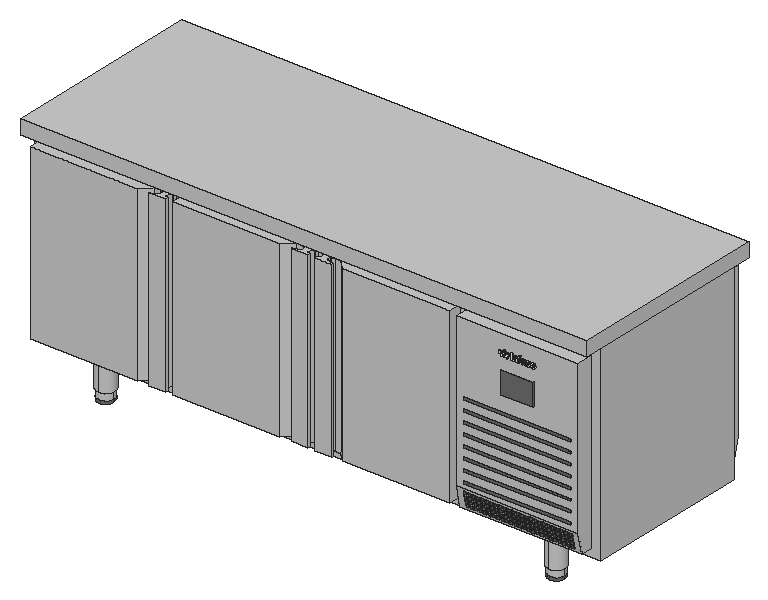
Revit family "QF_INFRICO_BMGN1960PDC_250808024553", category Specialty Equipment, Revit 2021
Family settings
  Round Connector Dimension = Use Diameter
  Part Type = Normal
  OmniClass Number = 23.40.40.14
  OmniClass Title = Food Service Equipment
  Work Plane-Based = No
  Always vertical = Yes
  Cut with Voids When Loaded = No
  Shared = No
  Room Calculation Point = No
Parameters (values of type "BMGN1960PDC-R290")
  Weight [instance] = 183.00 kg
  Waste Water Discharge Temperature [instance] = 0 °C
  Waste Remarks [instance] = ""
  Warranty Start Date [instance] = ""
  Warranty Duration [instance] = ""
  Volts [instance] = 230 V
  Volt Free Conn [instance] = no
  URL Recommended Spares List [instance] = ""
  URL Manufacturer [instance] = ""
  URL Cutsheet [instance] = ""
  URL Critical Spares List [instance] = ""
  URL = "www.infrico.com"
  Technical Documentation [instance] = ""
  Tag Number [instance] = ""
  Status [instance] = ""
  Start Up Current [instance] = 0 A
  Specification by User [instance] = ""
  Specification by Manufacturer [instance] = ""
  Sound Level [instance] = ""
  Show Logo [instance] = yes
  Show Clearances [instance] = yes
  Service Life Duration [instance] = ""
  Serial Number [instance] = ""
  Seismic Rating [instance] = ""
  SMACNA No [instance] = ""
  Revision Code [instance] = ""
  Revision [instance] = ""
  Production Year [instance] = ""
  Potential Equalisation [instance] = no
  Point Load [instance] = 0
  Plumbing Connection Type [instance] = ""
  Phase [instance] = 1
  Other Equipment Approvals [instance] = ""
  Operational Current [instance] = 0 A
  Number of Poles [instance] = 2
  No Load Power Draw [instance] = no
  NAFEM Spec ID Number [instance] = ""
  Model Warning [instance] = ""
  Model = "BMGN1960PDC"
  Min Ckt Ampacity [instance] = 0 A
  Max Overcurrent Protection [instance] = 0 A
  Masterspec [instance] = ""
  Manufacturer = "INFRICO"
  Main switch integrated [instance] = no
  Length Actual [instance] = 1960 mm
  Item Number [instance] = ""
  Installed By [instance] = ""
  Installation Date [instance] = ""
  Indirect Waste Size [instance] = 19.05 mm
  Indirect Waste Remarks [instance] = ""
  Indirect Waste Flow [instance] = 0.0 L/s
  Indirect Waste Connection Type [instance] = ""
  Indirect Waste Connection Height [instance] = 0 mm
  Identify Quantity as Lot [instance] = no
  ID [instance] = ""
  Hygiene Approval [instance] = ""
  Height Actual [instance] = 850 mm
  HP power [instance] = ""
  Furnished By [instance] = ""
  Foodservice Equipment Identifier [instance] = no
  FL Amps [instance] = 0 A
  Electrical Remarks [instance] = ""
  Electric power [instance] = 370 W
  Electric Connection Type [instance] = ""
  Elec Conn RI Height [instance] = 0 mm
  Elec Conn Connection Height [instance] = 0 mm
  ETL Approved [instance] = no
  Direct Waste Water Discharge Temperature [instance] = -273.15 °C
  Direct Waste Size [instance] = 19.05 mm
  Direct Waste RI Height [instance] = 0 mm
  Direct Waste Flow [instance] = 0.0 L/s
  Direct Waste Connection Height [instance] = 0 mm
  Description = "GN1/1 PASS THRU UNDERCOUNTER REFRIGERATOR 700 SERIES - R290 "
  Depth Actual [instance] = 700 mm
  Default Elevation = 0 mm
  Cycle [instance] = 50 Hz
  Cost = 0
  Connection to energy optimisation system [instance] = yes
  Conn Plug [instance] = ""
  Conn Conduit [instance] = no
  Centralized building control system with digital interface [instance] = ""
  CSI MasterFormat [instance] = ""
  CE Approved [instance] = no
  Barcode [instance] = 0
  Author [instance] = ""
  Asset Identifier [instance] = ""
  Apparent Power [instance] = 370 VA
  Accessory [instance] = no
Reference planes
  plane 1 "Center (Front/Back)": y = 0
  plane 2: z = 0
  plane 3 "Center (Left/Right)": x = 0
Forms (mm)
  Extrusion 1, solid, not visible
    sketch origin (602.029, -98.005, 142.007) x (1, 0, 0) y (0, 1, 0)
      loop
        line (-2, 2) -> (-2, -2) -> (2, -2) -> (2, 2) -> (-2, 2)
    from -2 to 2
  Extrusion 2, solid, not visible
    sketch origin (1393.568, -73.004, 142.007) x (1, 0, 0) y (0, 1, 0)
      loop
        line (-2, 2) -> (-2, -2) -> (2, -2) -> (2, 2) -> (-2, 2)
    from -2 to 2
Dimensions and locks
  locked: nested 2 to Extrusion 1 at 2  (x2)
  locked: nested 3 to Extrusion 2 at 2  (x2)
  aligned and locked: level to plane 2
Nested families
  nested 1: "QF_INFRICO_BMGN1960PDC_2920" at (0, 0, 140), type "BMGN1960PDC-R290"
    with Weight 183.00 kg, Warranty Start Date "", Warranty Duration "", URL Cutsheet "", Technical Documentation "", Tag Number "", Status "", Specification by User "", Specification by Manufacturer "", Sound Level "", Solid Fuel Type "", Show Logo yes, Show Clearances yes, Show Clearance yes, Service Life Duration "", Serial Number "", Seismic Rating "", SMACNA No "", Revision Code "", Revision "", Production Year "", Point Load 0, Other Equipment Approvals "", NAFEM Spec ID Number "", Model Warning "", Masterspec "", Length Actual 1960 mm, Item Number "", Installed By "", Installation Date "", Identify Quantity as Lot yes, ID "", Hygiene Approval "", Height Actual 850 mm, Furnished By "", Foodservice Equipment Identifier yes, ETL Approved yes, Depth Actual 700 mm, CSI MasterFormat "", CE Approved no, Barcode "", Author "", Asset Identifier "", Accessory no
  nested 2: "CONN_POINT_DRAIN_2D___Generic_Annotation" at (602.029, -98.005, 140.007), type "CONN_POINT_DRAIN_2D___Generic_Annotation"
    with Onboard connection annotation symbol visibility yes
  nested 3: "CONN_POINT_ELE_2D___Generic_Annotation" at (1393.568, -73.004, 140.007), type "CONN_POINT_ELE_2D___Generic_Annotation"
    with Onboard connection annotation symbol visibility yes
  nested 4: "QF_INFRICO_BMGN_DOOR_SX_5011" at (22, -638, 168), type "BMGN_DOOR_SX"
    with Weight 0.00 kg, Warranty Start Date "", Warranty Duration "", URL Cutsheet "", Technical Documentation "", Tag Number "", Status "", Specification by User "", Specification by Manufacturer "", Sound Level "", Solid Fuel Type "", Show Logo yes, Show Clearances yes, Show Clearance yes, Service Life Duration "", Serial Number "", Seismic Rating "", SMACNA No "", Revision Code "", Revision "", Production Year "", Point Load 0, Other Equipment Approvals "", NAFEM Spec ID Number "", Model Warning "", Masterspec "", Length Actual 467 mm, Item Number "", Installed By "", Installation Date "", Identify Quantity as Lot yes, ID "", Hygiene Approval "", Height Actual 597 mm, Furnished By "", Foodservice Equipment Identifier yes, ETL Approved yes, Depth Actual 54 mm, CSI MasterFormat "", CE Approved no, Barcode "", Author "", Asset Identifier "", Accessory yes
  nested 5: "QF_INFRICO_BMGN_DOOR_SX_5792" at (514, -638, 168), type "BMGN_DOOR_SX"
    with Weight 0.00 kg, Warranty Start Date "", Warranty Duration "", URL Cutsheet "", Technical Documentation "", Tag Number "", Status "", Specification by User "", Specification by Manufacturer "", Sound Level "", Solid Fuel Type "", Show Logo yes, Show Clearances yes, Show Clearance yes, Service Life Duration "", Serial Number "", Seismic Rating "", SMACNA No "", Revision Code "", Revision "", Production Year "", Point Load 0, Other Equipment Approvals "", NAFEM Spec ID Number "", Model Warning "", Masterspec "", Length Actual 467 mm, Item Number "", Installed By "", Installation Date "", Identify Quantity as Lot yes, ID "", Hygiene Approval "", Height Actual 597 mm, Furnished By "", Foodservice Equipment Identifier yes, ETL Approved yes, Depth Actual 54 mm, CSI MasterFormat "", CE Approved no, Barcode "", Author "", Asset Identifier "", Accessory yes
  nested 6: "QF_INFRICO_BMGN_DOOR_DX_6569" at (1006, -638, 168), type "BMGN_DOOR_DX"
    with Weight 0.00 kg, Warranty Start Date "", Warranty Duration "", URL Cutsheet "", Technical Documentation "", Tag Number "", Status "", Specification by User "", Specification by Manufacturer "", Sound Level "", Solid Fuel Type "", Show Logo yes, Show Clearances yes, Show Clearance yes, Service Life Duration "", Serial Number "", Seismic Rating "", SMACNA No "", Revision Code "", Revision "", Production Year "", Point Load 0, Other Equipment Approvals "", NAFEM Spec ID Number "", Model Warning "", Masterspec "", Length Actual 467 mm, Item Number "", Installed By "", Installation Date "", Identify Quantity as Lot yes, ID "", Hygiene Approval "", Height Actual 597 mm, Furnished By "", Foodservice Equipment Identifier yes, ETL Approved yes, Depth Actual 54 mm, CSI MasterFormat "", CE Approved no, Barcode "", Author "", Asset Identifier "", Accessory yes
  nested 7: "QF_INFRICO_BMGNPDC_DOOR_SX_7346" at (22, -18, 168), type "BMGNPDC_DOOR_SX"
    with Weight 0.00 kg, Warranty Start Date "", Warranty Duration "", URL Cutsheet "", Technical Documentation "", Tag Number "", Status "", Specification by User "", Specification by Manufacturer "", Sound Level "", Solid Fuel Type "", Show Logo yes, Show Clearances yes, Show Clearance yes, Service Life Duration "", Serial Number "", Seismic Rating "", SMACNA No "", Revision Code "", Revision "", Production Year "", Point Load 0, Other Equipment Approvals "", NAFEM Spec ID Number "", Model Warning "", Masterspec "", Length Actual 467 mm, Item Number "", Installed By "", Installation Date "", Identify Quantity as Lot yes, ID "", Hygiene Approval "", Height Actual 597 mm, Furnished By "", Foodservice Equipment Identifier yes, ETL Approved yes, Depth Actual 54 mm, CSI MasterFormat "", CE Approved no, Barcode "", Author "", Asset Identifier "", Accessory yes
  nested 8: "QF_INFRICO_BMGNPDC_DOOR_SX_8123" at (514, -18, 168), type "BMGNPDC_DOOR_SX"
    with Weight 0.00 kg, Warranty Start Date "", Warranty Duration "", URL Cutsheet "", Technical Documentation "", Tag Number "", Status "", Specification by User "", Specification by Manufacturer "", Sound Level "", Solid Fuel Type "", Show Logo yes, Show Clearances yes, Show Clearance yes, Service Life Duration "", Serial Number "", Seismic Rating "", SMACNA No "", Revision Code "", Revision "", Production Year "", Point Load 0, Other Equipment Approvals "", NAFEM Spec ID Number "", Model Warning "", Masterspec "", Length Actual 467 mm, Item Number "", Installed By "", Installation Date "", Identify Quantity as Lot yes, ID "", Hygiene Approval "", Height Actual 597 mm, Furnished By "", Foodservice Equipment Identifier yes, ETL Approved yes, Depth Actual 54 mm, CSI MasterFormat "", CE Approved no, Barcode "", Author "", Asset Identifier "", Accessory yes
  nested 9: "QF_INFRICO_BMGNPDC_DOOR_DX_8900" at (1006, -18, 168), type "BMGNPDC_DOOR_DX"
    with Weight 0.00 kg, Warranty Start Date "", Warranty Duration "", URL Cutsheet "", Technical Documentation "", Tag Number "", Status "", Specification by User "", Specification by Manufacturer "", Sound Level "", Solid Fuel Type "", Show Logo yes, Show Clearances yes, Show Clearance yes, Service Life Duration "", Serial Number "", Seismic Rating "", SMACNA No "", Revision Code "", Revision "", Production Year "", Point Load 0, Other Equipment Approvals "", NAFEM Spec ID Number "", Model Warning "", Masterspec "", Length Actual 467 mm, Item Number "", Installed By "", Installation Date "", Identify Quantity as Lot yes, ID "", Hygiene Approval "", Height Actual 597 mm, Furnished By "", Foodservice Equipment Identifier yes, ETL Approved yes, Depth Actual 54 mm, CSI MasterFormat "", CE Approved no, Barcode "", Author "", Asset Identifier "", Accessory yes
  nested 10: "QF_INFRICO_WORKTOP_9677" at (0, 0, 800), type "ENC12SPGN19"
    with Weight 0.00 kg, Warranty Start Date "", Warranty Duration "", URL Cutsheet "", Technical Documentation "", Tag Number "", Status "", Specification by User "", Specification by Manufacturer "", Sound Level "", Solid Fuel Type "", Show Logo yes, Show Clearances yes, Show Clearance yes, Service Life Duration "", Serial Number "", Seismic Rating "", SMACNA No "", Revision Code "", Revision "", Production Year "", Point Load 0, Other Equipment Approvals "", NAFEM Spec ID Number "", Model Warning "", Masterspec "", Length Actual 1960 mm, Item Number "", Installed By "", Installation Date "", Identify Quantity as Lot yes, ID "", Hygiene Approval "", Height Actual 50 mm, Furnished By "", Foodservice Equipment Identifier yes, ETL Approved yes, Depth Actual 700 mm, CSI MasterFormat "", CE Approved no, Barcode "", Author "", Asset Identifier "", Accessory yes
  nested 11: "QF_INFRICO_LEGS_10521" at (0, -62, 0), type "LEGS_1960_640"
    with Weight 0.00 kg, Warranty Start Date "", Warranty Duration "", URL Cutsheet "", Technical Documentation "", Tag Number "", Status "", Specification by User "", Specification by Manufacturer "", Sound Level "", Solid Fuel Type "", Show Logo yes, Show Clearances yes, Show Clearance yes, Service Life Duration "", Serial Number "", Seismic Rating "", SMACNA No "", Revision Code "", Revision "", Production Year "", Point Load 0, Other Equipment Approvals "", NAFEM Spec ID Number "", Model Warning "", Masterspec "", Length Actual 1960 mm, Item Number "", Installed By "", Installation Date "", Identify Quantity as Lot yes, ID "", Hygiene Approval "", Height Actual 140 mm, Furnished By "", Foodservice Equipment Identifier yes, ETL Approved yes, Depth Actual 638 mm, CSI MasterFormat "", CE Approved no, Barcode "", Author "", Asset Identifier "", Accessory yes
Connectors
  piping at (602.029, -98.005, 140.007), diameter 19.05, driven by "Indirect Waste Size", driven by "Direct Waste Flow"
    settings: on Extrusion 1, index 1, connector inside diameter 609.6 mm, connector length 0 mm, flow factor 0, pipe flow 0.0 L/s, pressure drop 0.0 Pa, fitting loss kfactor 0, connector angle 0.00°, fixture units 0, engagement length 0 mm, angle of deflection 0.00°, flow configuration 1, flow direction 2, fitting loss method 0, system type 16, joint type 0, gender type 0, connector reference index -1, connector utility 0, adjustable connector no, is connector primary yes, connector description "Waste connection for BMGN1960PDC"
  electrical at (1393.568, -73.004, 140.007), driven by "Apparent Power", driven by "Number of Poles", driven by "Volts"
    settings: on Extrusion 2, index 2, voltage 230 V, apparent load 0 VA, apparent load phase1 370 VA, apparent load phase2 0 VA, apparent load phase3 0 VA, power factor 1, load classification "Other", number of poles 2, system type 31, power factor state 1, is connector primary yes, connector utility no, sub classification motor no, connector description "Electrical connection for BMGN1960PDC"
Definition of nested family "QF_INFRICO_BMGN1960PDC_2920"
  Parameters (values of type "BMGN1960PDC")
    Weight [instance] = 0.00 kg
    Warranty Start Date [instance] = ""
    Warranty Duration [instance] = ""
    URL Cutsheet [instance] = ""
    URL = "www.infrico.com"
    Technical Documentation [instance] = ""
    Tag Number [instance] = ""
    Status [instance] = ""
    Specification by User [instance] = ""
    Specification by Manufacturer [instance] = ""
    Sound Level [instance] = ""
    Solid Fuel Type [instance] = ""
    Show Logo [instance] = yes
    Show Clearances [instance] = yes
    Show Clearance [instance] = yes
    Service Life Duration [instance] = ""
    Serial Number [instance] = ""
    Seismic Rating [instance] = ""
    SMACNA No [instance] = ""
    Revision Code [instance] = ""
    Revision [instance] = ""
    Production Year [instance] = ""
    Point Load [instance] = 0
    Other Equipment Approvals [instance] = ""
    NAFEM Spec ID Number [instance] = ""
    Model Warning [instance] = ""
    Model = "BMGN1960PDC"
    Masterspec [instance] = ""
    Manufacturer = "INFRICO"
    Length Actual [instance] = 0 mm
    Item Number [instance] = ""
    Installed By [instance] = ""
    Installation Date [instance] = ""
    Identify Quantity as Lot [instance] = yes
    ID [instance] = ""
    Hygiene Approval [instance] = ""
    Height Actual [instance] = 0 mm
    Furnished By [instance] = ""
    Foodservice Equipment Identifier [instance] = yes
    ETL Approved [instance] = yes
    Description = "GN1/1 PASS THRU UNDERCOUNTER REFRIGERATOR 700 SERIES - R134A"
    Depth Actual [instance] = 0 mm
    Default Elevation = 0 mm
    CSI MasterFormat [instance] = ""
    CE Approved [instance] = yes
    Barcode [instance] = ""
    Author [instance] = ""
    Asset Identifier [instance] = ""
    Assembly Code = "E1090320"
    Accessory [instance] = yes
  Types (2, lengths in mm): name | Description
    BMGN1960PDC | "GN1/1 PASS THRU UNDERCOUNTER REFRIGERATOR 700 SERIES - R134A"
    BMGN1960PDC-R290 | "GN1/1 PASS THRU UNDERCOUNTER REFRIGERATOR 700 SERIES - R290"
  Reference planes
    plane 1 "Back": y = 0
    plane 2: z = 0
    plane 3 "Left": x = 0
    plane 4 "Right": x = 1960
    plane 5 "Front": y = -700
    plane 6 "Top": z = 660
  Forms (mm)
    Extrusion 1, solid
      sketch origin (492, 0, -140) x (0, 1, 0) y (0, 0, 1)
        loop
          line (-638.02, 765.292) -> (-695.03, 765.292) -> (-695.03, 238.436) -> (-678.769, 168) -> (-638.02, 168) -> (-638.02, 765.292)
      from 1013.993 to 1433.993
    Extrusion 2, void
      sketch origin (0, 0, -140) x (1, 0, 0) y (0, 0, 1)
        loop
          line (60, 200) -> (1410, 200) -> (1410, 740) -> (60, 740) -> (60, 200)
      from 62 to 638.02
    Extrusion 3, solid
      sketch origin (-1508, -693.13, -140) x (1, 0, 0) y (0, 0, 1)
        loop
          line (3408.016, 523.949) -> (3040.73, 523.949) -> (3040.73, 514.949) -> (3408.016, 514.949) -> (3408.016, 523.949)
        loop
          line (3408.016, 486.949) -> (3040.73, 486.949) -> (3040.73, 477.949) -> (3408.016, 477.949) -> (3408.016, 486.949)
        loop
          line (3408.016, 449.949) -> (3040.73, 449.949) -> (3040.73, 440.949) -> (3408.016, 440.949) -> (3408.016, 449.949)
        loop
          line (3408.016, 412.949) -> (3040.73, 412.949) -> (3040.73, 403.949) -> (3408.016, 403.949) -> (3408.016, 412.949)
        loop
          line (3408.016, 375.949) -> (3040.73, 375.949) -> (3040.73, 366.949) -> (3408.016, 366.949) -> (3408.016, 375.949)
        loop
          line (3408.016, 338.949) -> (3040.73, 338.949) -> (3040.73, 329.949) -> (3408.016, 329.949) -> (3408.016, 338.949)
        loop
          line (3408.016, 301.949) -> (3040.73, 301.949) -> (3040.73, 292.949) -> (3408.016, 292.949) -> (3408.016, 301.949)
        loop
          line (3408.016, 264.949) -> (3040.73, 264.949) -> (3040.73, 255.949) -> (3408.016, 255.949) -> (3408.016, 264.949)
      from 0 to 2
    Extrusion 4, solid
      sketch origin (-1508, -639.263, -134.673) x (1, 0, 0) y (0, -0.224951, 0.97437)
        loop
          line (3036.73, 215.974) -> (3036.73, 205.974) -> (3046.73, 205.974) -> (3046.73, 215.974) -> (3036.73, 215.974)
        loop
          line (3036.73, 230.769) -> (3036.73, 220.769) -> (3046.73, 220.769) -> (3046.73, 230.769) -> (3036.73, 230.769)
        loop
          line (3036.73, 186.385) -> (3036.73, 176.385) -> (3046.73, 176.385) -> (3046.73, 186.385) -> (3036.73, 186.385)
        loop
          line (3036.73, 201.179) -> (3036.73, 191.179) -> (3046.73, 191.179) -> (3046.73, 201.179) -> (3036.73, 201.179)
        loop
          line (3051.938, 215.974) -> (3051.938, 205.974) -> (3061.938, 205.974) -> (3061.938, 215.974) -> (3051.938, 215.974)
        loop
          line (3051.938, 230.769) -> (3051.938, 220.769) -> (3061.938, 220.769) -> (3061.938, 230.769) -> (3051.938, 230.769)
        loop
          line (3051.938, 186.385) -> (3051.938, 176.385) -> (3061.938, 176.385) -> (3061.938, 186.385) -> (3051.938, 186.385)
        loop
          line (3051.938, 201.179) -> (3051.938, 191.179) -> (3061.938, 191.179) -> (3061.938, 201.179) -> (3051.938, 201.179)
        loop
          line (3067.147, 215.974) -> (3067.147, 205.974) -> (3077.147, 205.974) -> (3077.147, 215.974) -> (3067.147, 215.974)
        loop
          line (3067.147, 230.769) -> (3067.147, 220.769) -> (3077.147, 220.769) -> (3077.147, 230.769) -> (3067.147, 230.769)
        loop
          line (3067.147, 186.385) -> (3067.147, 176.385) -> (3077.147, 176.385) -> (3077.147, 186.385) -> (3067.147, 186.385)
        loop
          line (3067.147, 201.179) -> (3067.147, 191.179) -> (3077.147, 191.179) -> (3077.147, 201.179) -> (3067.147, 201.179)
        loop
          line (3082.355, 215.974) -> (3082.355, 205.974) -> (3092.355, 205.974) -> (3092.355, 215.974) -> (3082.355, 215.974)
        loop
          line (3082.355, 230.769) -> (3082.355, 220.769) -> (3092.355, 220.769) -> (3092.355, 230.769) -> (3082.355, 230.769)
        loop
          line (3082.355, 186.385) -> (3082.355, 176.385) -> (3092.355, 176.385) -> (3092.355, 186.385) -> (3082.355, 186.385)
        loop
          line (3082.355, 201.179) -> (3082.355, 191.179) -> (3092.355, 191.179) -> (3092.355, 201.179) -> (3082.355, 201.179)
        loop
          line (3097.563, 215.974) -> (3097.563, 205.974) -> (3107.563, 205.974) -> (3107.563, 215.974) -> (3097.563, 215.974)
        loop
          line (3097.563, 230.769) -> (3097.563, 220.769) -> (3107.563, 220.769) -> (3107.563, 230.769) -> (3097.563, 230.769)
        loop
          line (3097.563, 186.385) -> (3097.563, 176.385) -> (3107.563, 176.385) -> (3107.563, 186.385) -> (3097.563, 186.385)
        loop
          line (3097.563, 201.179) -> (3097.563, 191.179) -> (3107.563, 191.179) -> (3107.563, 201.179) -> (3097.563, 201.179)
        loop
          line (3112.772, 215.974) -> (3112.772, 205.974) -> (3122.772, 205.974) -> (3122.772, 215.974) -> (3112.772, 215.974)
        loop
          line (3112.772, 230.769) -> (3112.772, 220.769) -> (3122.772, 220.769) -> (3122.772, 230.769) -> (3112.772, 230.769)
        loop
          line (3112.772, 186.385) -> (3112.772, 176.385) -> (3122.772, 176.385) -> (3122.772, 186.385) -> (3112.772, 186.385)
        loop
          line (3112.772, 201.179) -> (3112.772, 191.179) -> (3122.772, 191.179) -> (3122.772, 201.179) -> (3112.772, 201.179)
        loop
          line (3127.98, 215.974) -> (3127.98, 205.974) -> (3137.98, 205.974) -> (3137.98, 215.974) -> (3127.98, 215.974)
        loop
          line (3127.98, 230.769) -> (3127.98, 220.769) -> (3137.98, 220.769) -> (3137.98, 230.769) -> (3127.98, 230.769)
        loop
          line (3127.98, 186.385) -> (3127.98, 176.385) -> (3137.98, 176.385) -> (3137.98, 186.385) -> (3127.98, 186.385)
        loop
          line (3127.98, 201.179) -> (3127.98, 191.179) -> (3137.98, 191.179) -> (3137.98, 201.179) -> (3127.98, 201.179)
        loop
          line (3143.188, 215.974) -> (3143.188, 205.974) -> (3153.188, 205.974) -> (3153.188, 215.974) -> (3143.188, 215.974)
        loop
          line (3143.188, 230.769) -> (3143.188, 220.769) -> (3153.188, 220.769) -> (3153.188, 230.769) -> (3143.188, 230.769)
        loop
          line (3143.188, 186.385) -> (3143.188, 176.385) -> (3153.188, 176.385) -> (3153.188, 186.385) -> (3143.188, 186.385)
        loop
          line (3143.188, 201.179) -> (3143.188, 191.179) -> (3153.188, 191.179) -> (3153.188, 201.179) -> (3143.188, 201.179)
        loop
          line (3158.397, 215.974) -> (3158.397, 205.974) -> (3168.397, 205.974) -> (3168.397, 215.974) -> (3158.397, 215.974)
        loop
          line (3158.397, 230.769) -> (3158.397, 220.769) -> (3168.397, 220.769) -> (3168.397, 230.769) -> (3158.397, 230.769)
        loop
          line (3158.397, 186.385) -> (3158.397, 176.385) -> (3168.397, 176.385) -> (3168.397, 186.385) -> (3158.397, 186.385)
        loop
          line (3158.397, 201.179) -> (3158.397, 191.179) -> (3168.397, 191.179) -> (3168.397, 201.179) -> (3158.397, 201.179)
        loop
          line (3173.605, 215.974) -> (3173.605, 205.974) -> (3183.605, 205.974) -> (3183.605, 215.974) -> (3173.605, 215.974)
        loop
          line (3173.605, 230.769) -> (3173.605, 220.769) -> (3183.605, 220.769) -> (3183.605, 230.769) -> (3173.605, 230.769)
        loop
          line (3173.605, 186.385) -> (3173.605, 176.385) -> (3183.605, 176.385) -> (3183.605, 186.385) -> (3173.605, 186.385)
        loop
          line (3173.605, 201.179) -> (3173.605, 191.179) -> (3183.605, 191.179) -> (3183.605, 201.179) -> (3173.605, 201.179)
        loop
          line (3188.813, 215.974) -> (3188.813, 205.974) -> (3198.813, 205.974) -> (3198.813, 215.974) -> (3188.813, 215.974)
        loop
          line (3188.813, 230.769) -> (3188.813, 220.769) -> (3198.813, 220.769) -> (3198.813, 230.769) -> (3188.813, 230.769)
        loop
          line (3188.813, 186.385) -> (3188.813, 176.385) -> (3198.813, 176.385) -> (3198.813, 186.385) -> (3188.813, 186.385)
        loop
          line (3188.813, 201.179) -> (3188.813, 191.179) -> (3198.813, 191.179) -> (3198.813, 201.179) -> (3188.813, 201.179)
        loop
          line (3204.022, 215.974) -> (3204.022, 205.974) -> (3214.022, 205.974) -> (3214.022, 215.974) -> (3204.022, 215.974)
        loop
          line (3204.022, 230.769) -> (3204.022, 220.769) -> (3214.022, 220.769) -> (3214.022, 230.769) -> (3204.022, 230.769)
        loop
          line (3204.022, 186.385) -> (3204.022, 176.385) -> (3214.022, 176.385) -> (3214.022, 186.385) -> (3204.022, 186.385)
        loop
          line (3204.022, 201.179) -> (3204.022, 191.179) -> (3214.022, 191.179) -> (3214.022, 201.179) -> (3204.022, 201.179)
        loop
          line (3219.23, 215.974) -> (3219.23, 205.974) -> (3229.23, 205.974) -> (3229.23, 215.974) -> (3219.23, 215.974)
        loop
          line (3219.23, 230.769) -> (3219.23, 220.769) -> (3229.23, 220.769) -> (3229.23, 230.769) -> (3219.23, 230.769)
        loop
          line (3219.23, 186.385) -> (3219.23, 176.385) -> (3229.23, 176.385) -> (3229.23, 186.385) -> (3219.23, 186.385)
        loop
          line (3219.23, 201.179) -> (3219.23, 191.179) -> (3229.23, 191.179) -> (3229.23, 201.179) -> (3219.23, 201.179)
        loop
          line (3234.438, 215.974) -> (3234.438, 205.974) -> (3244.438, 205.974) -> (3244.438, 215.974) -> (3234.438, 215.974)
        loop
          line (3234.438, 230.769) -> (3234.438, 220.769) -> (3244.438, 220.769) -> (3244.438, 230.769) -> (3234.438, 230.769)
        loop
          line (3234.438, 186.385) -> (3234.438, 176.385) -> (3244.438, 176.385) -> (3244.438, 186.385) -> (3234.438, 186.385)
        loop
          line (3234.438, 201.179) -> (3234.438, 191.179) -> (3244.438, 191.179) -> (3244.438, 201.179) -> (3234.438, 201.179)
        loop
          line (3249.647, 215.974) -> (3249.647, 205.974) -> (3259.647, 205.974) -> (3259.647, 215.974) -> (3249.647, 215.974)
        loop
          line (3249.647, 230.769) -> (3249.647, 220.769) -> (3259.647, 220.769) -> (3259.647, 230.769) -> (3249.647, 230.769)
        loop
          line (3249.647, 186.385) -> (3249.647, 176.385) -> (3259.647, 176.385) -> (3259.647, 186.385) -> (3249.647, 186.385)
        loop
          line (3249.647, 201.179) -> (3249.647, 191.179) -> (3259.647, 191.179) -> (3259.647, 201.179) -> (3249.647, 201.179)
        loop
          line (3264.855, 215.974) -> (3264.855, 205.974) -> (3274.855, 205.974) -> (3274.855, 215.974) -> (3264.855, 215.974)
        loop
          line (3264.855, 230.769) -> (3264.855, 220.769) -> (3274.855, 220.769) -> (3274.855, 230.769) -> (3264.855, 230.769)
        loop
          line (3264.855, 186.385) -> (3264.855, 176.385) -> (3274.855, 176.385) -> (3274.855, 186.385) -> (3264.855, 186.385)
        loop
          line (3264.855, 201.179) -> (3264.855, 191.179) -> (3274.855, 191.179) -> (3274.855, 201.179) -> (3264.855, 201.179)
        loop
          line (3280.063, 215.974) -> (3280.063, 205.974) -> (3290.063, 205.974) -> (3290.063, 215.974) -> (3280.063, 215.974)
        loop
          line (3280.063, 230.769) -> (3280.063, 220.769) -> (3290.063, 220.769) -> (3290.063, 230.769) -> (3280.063, 230.769)
        loop
          line (3280.063, 186.385) -> (3280.063, 176.385) -> (3290.063, 176.385) -> (3290.063, 186.385) -> (3280.063, 186.385)
        loop
          line (3280.063, 201.179) -> (3280.063, 191.179) -> (3290.063, 191.179) -> (3290.063, 201.179) -> (3280.063, 201.179)
        loop
          line (3295.272, 215.974) -> (3295.272, 205.974) -> (3305.272, 205.974) -> (3305.272, 215.974) -> (3295.272, 215.974)
        loop
          line (3295.272, 230.769) -> (3295.272, 220.769) -> (3305.272, 220.769) -> (3305.272, 230.769) -> (3295.272, 230.769)
        loop
          line (3295.272, 186.385) -> (3295.272, 176.385) -> (3305.272, 176.385) -> (3305.272, 186.385) -> (3295.272, 186.385)
        loop
          line (3295.272, 201.179) -> (3295.272, 191.179) -> (3305.272, 191.179) -> (3305.272, 201.179) -> (3295.272, 201.179)
        loop
          line (3310.48, 215.974) -> (3310.48, 205.974) -> (3320.48, 205.974) -> (3320.48, 215.974) -> (3310.48, 215.974)
        loop
          line (3310.48, 230.769) -> (3310.48, 220.769) -> (3320.48, 220.769) -> (3320.48, 230.769) -> (3310.48, 230.769)
        loop
          line (3310.48, 186.385) -> (3310.48, 176.385) -> (3320.48, 176.385) -> (3320.48, 186.385) -> (3310.48, 186.385)
        loop
          line (3310.48, 201.179) -> (3310.48, 191.179) -> (3320.48, 191.179) -> (3320.48, 201.179) -> (3310.48, 201.179)
        loop
          line (3325.688, 215.974) -> (3325.688, 205.974) -> (3335.688, 205.974) -> (3335.688, 215.974) -> (3325.688, 215.974)
        loop
          line (3325.688, 230.769) -> (3325.688, 220.769) -> (3335.688, 220.769) -> (3335.688, 230.769) -> (3325.688, 230.769)
        loop
          line (3325.688, 186.385) -> (3325.688, 176.385) -> (3335.688, 176.385) -> (3335.688, 186.385) -> (3325.688, 186.385)
        loop
          line (3325.688, 201.179) -> (3325.688, 191.179) -> (3335.688, 191.179) -> (3335.688, 201.179) -> (3325.688, 201.179)
        loop
          line (3340.897, 215.974) -> (3340.897, 205.974) -> (3350.897, 205.974) -> (3350.897, 215.974) -> (3340.897, 215.974)
        loop
          line (3340.897, 230.769) -> (3340.897, 220.769) -> (3350.897, 220.769) -> (3350.897, 230.769) -> (3340.897, 230.769)
        loop
          line (3340.897, 186.385) -> (3340.897, 176.385) -> (3350.897, 176.385) -> (3350.897, 186.385) -> (3340.897, 186.385)
        loop
          line (3340.897, 201.179) -> (3340.897, 191.179) -> (3350.897, 191.179) -> (3350.897, 201.179) -> (3340.897, 201.179)
        loop
          line (3356.105, 215.974) -> (3356.105, 205.974) -> (3366.105, 205.974) -> (3366.105, 215.974) -> (3356.105, 215.974)
        loop
          line (3356.105, 230.769) -> (3356.105, 220.769) -> (3366.105, 220.769) -> (3366.105, 230.769) -> (3356.105, 230.769)
        loop
          line (3356.105, 186.385) -> (3356.105, 176.385) -> (3366.105, 176.385) -> (3366.105, 186.385) -> (3356.105, 186.385)
        loop
          line (3356.105, 201.179) -> (3356.105, 191.179) -> (3366.105, 191.179) -> (3366.105, 201.179) -> (3356.105, 201.179)
        loop
          line (3371.313, 215.974) -> (3371.313, 205.974) -> (3381.313, 205.974) -> (3381.313, 215.974) -> (3371.313, 215.974)
        loop
          line (3371.313, 230.769) -> (3371.313, 220.769) -> (3381.313, 220.769) -> (3381.313, 230.769) -> (3371.313, 230.769)
        loop
          line (3371.313, 186.385) -> (3371.313, 176.385) -> (3381.313, 176.385) -> (3381.313, 186.385) -> (3371.313, 186.385)
        loop
          line (3371.313, 201.179) -> (3371.313, 191.179) -> (3381.313, 191.179) -> (3381.313, 201.179) -> (3371.313, 201.179)
        loop
          line (3386.522, 215.974) -> (3386.522, 205.974) -> (3396.522, 205.974) -> (3396.522, 215.974) -> (3386.522, 215.974)
        loop
          line (3386.522, 230.769) -> (3386.522, 220.769) -> (3396.522, 220.769) -> (3396.522, 230.769) -> (3386.522, 230.769)
        loop
          line (3386.522, 186.385) -> (3386.522, 176.385) -> (3396.522, 176.385) -> (3396.522, 186.385) -> (3386.522, 186.385)
        loop
          line (3386.522, 201.179) -> (3386.522, 191.179) -> (3396.522, 191.179) -> (3396.522, 201.179) -> (3386.522, 201.179)
        loop
          line (3401.73, 215.974) -> (3401.73, 205.974) -> (3411.73, 205.974) -> (3411.73, 215.974) -> (3401.73, 215.974)
        loop
          line (3401.73, 230.769) -> (3401.73, 220.769) -> (3411.73, 220.769) -> (3411.73, 230.769) -> (3401.73, 230.769)
        loop
          line (3401.73, 186.385) -> (3401.73, 176.385) -> (3411.73, 176.385) -> (3411.73, 186.385) -> (3401.73, 186.385)
        loop
          line (3401.73, 201.179) -> (3401.73, 191.179) -> (3411.73, 191.179) -> (3411.73, 201.179) -> (3401.73, 201.179)
      from 0 to 2
    Extrusion 5, solid, visible <- "Show Logo"
      sketch origin (491.014, -693.13, -140) x (1, 0, 0) y (0, 0, 1)
        loop
          line (1208.799, 696.53) -> (1208.799, 719.204) -> (1204.173, 719.204) -> (1204.173, 696.53) -> (1208.799, 696.53)
        loop
          line (1214.779, 713.006) -> (1211.283, 713.006) -> (1211.283, 696.53) -> (1215.772, 696.53) -> (1215.772, 707.832)
          arc (1215.772, 707.832) -> (1217.528, 708.741) -> (1219.417, 709.324) r 11.052
          arc (1219.417, 709.324) -> (1220.929, 708.961) -> (1221.598, 707.557) r 1.806
          line (1221.598, 707.557) -> (1221.598, 696.53) -> (1226.121, 696.53) -> (1226.121, 708.689)
          arc (1226.121, 708.689) -> (1224.637, 712.075) -> (1221.141, 713.281) r 4.607
          arc (1221.141, 713.281) -> (1218.282, 712.674) -> (1215.669, 711.361) r 11.435
          line (1215.669, 711.361) -> (1215.601, 712.184)
          arc (1215.601, 712.184) -> (1215.36, 712.765) -> (1214.779, 713.006) r 0.822
        loop
          line (1238.557, 720.102) -> (1237.306, 720.102)
          arc (1237.306, 720.102) -> (1235.052, 719.926) -> (1232.881, 719.297) r 11.103
          arc (1232.881, 719.297) -> (1230.805, 717.616) -> (1230.024, 715.062) r 4.567
          line (1230.024, 715.062) -> (1230.024, 712.909) -> (1227.351, 712.703) -> (1227.351, 709.374) -> (1230.024, 709.374) -> (1230.024, 696.53) -> (1234.547, 696.53) -> (1234.547, 709.374) -> (1238.249, 709.374) -> (1238.249, 712.938) -> (1234.547, 712.938) -> (1234.547, 714.548)
          arc (1234.547, 714.548) -> (1234.956, 715.705) -> (1236.045, 716.271) r 1.67
          line (1236.045, 716.271) -> (1237.7, 716.399)
          arc (1237.7, 716.399) -> (1238.306, 716.65) -> (1238.557, 717.255) r 0.857
          line (1238.557, 717.255) -> (1238.557, 720.102)
        loop
          line (1239.479, 713.006) -> (1239.479, 696.53) -> (1243.968, 696.53) -> (1243.968, 707.352)
          arc (1243.968, 707.352) -> (1245.873, 708.631) -> (1248.077, 709.268) r 7.435
          line (1248.077, 709.268) -> (1249.241, 709.416)
          arc (1249.241, 709.416) -> (1249.643, 709.758) -> (1249.793, 710.265) r 0.928
          line (1249.793, 710.265) -> (1249.793, 712.458)
          arc (1249.793, 712.458) -> (1249.531, 713.061) -> (1248.912, 713.28) r 0.824
          arc (1248.912, 713.28) -> (1246.197, 712.588) -> (1243.899, 710.984) r 7.833
          line (1243.899, 710.984) -> (1243.726, 713.006) -> (1239.479, 713.006)
        loop
          line (1255.495, 696.53) -> (1255.495, 713.006) -> (1251.006, 713.006) -> (1251.006, 696.53) -> (1255.495, 696.53)
        loop
          arc (1257.421, 701.327) -> (1258.567, 698.188) -> (1261.466, 696.525) r 4.873
          arc (1261.466, 696.525) -> (1264.493, 696.266) -> (1267.521, 696.525) r 17.816
          arc (1267.521, 696.525) -> (1270.575, 699.134) -> (1271.505, 703.041) r 6.481
          line (1271.505, 703.041) -> (1267.187, 703.041) -> (1267.187, 701.67)
          arc (1267.187, 701.67) -> (1266.64, 700.452) -> (1265.442, 699.865) r 1.965
          arc (1265.442, 699.865) -> (1264.547, 699.816) -> (1263.653, 699.865) r 8.196
          arc (1263.653, 699.865) -> (1262.417, 700.415) -> (1261.91, 701.67) r 1.806
          line (1261.91, 701.67) -> (1261.91, 707.9)
          arc (1261.91, 707.9) -> (1262.417, 709.155) -> (1263.653, 709.705) r 1.806
          arc (1263.653, 709.705) -> (1264.547, 709.754) -> (1265.442, 709.705) r 8.196
          arc (1265.442, 709.705) -> (1266.64, 709.118) -> (1267.187, 707.9) r 1.965
          line (1267.187, 707.9) -> (1267.187, 706.838) -> (1271.505, 706.838)
          arc (1271.505, 706.838) -> (1270.524, 710.556) -> (1267.521, 712.959) r 6.132
          arc (1267.521, 712.959) -> (1264.493, 713.294) -> (1261.466, 712.959) r 13.851
          arc (1261.466, 712.959) -> (1258.571, 711.349) -> (1257.421, 708.243) r 4.772
          line (1257.421, 708.243) -> (1257.421, 701.327)
        loop
          arc (1272.916, 701.329) -> (1273.993, 698.345) -> (1276.726, 696.734) r 4.676
          arc (1276.726, 696.734) -> (1278.515, 696.455) -> (1280.318, 696.291) r 28.371
          arc (1280.318, 696.291) -> (1282.122, 696.455) -> (1283.911, 696.734) r 28.371
          arc (1283.911, 696.734) -> (1286.644, 698.345) -> (1287.72, 701.329) r 4.676
          line (1287.72, 701.329) -> (1287.72, 708.242)
          arc (1287.72, 708.242) -> (1286.644, 711.226) -> (1283.911, 712.837) r 4.676
          arc (1283.911, 712.837) -> (1282.122, 713.116) -> (1280.318, 713.28) r 28.371
          arc (1280.318, 713.28) -> (1278.515, 713.116) -> (1276.726, 712.837) r 28.371
          arc (1276.726, 712.837) -> (1273.993, 711.226) -> (1272.916, 708.242) r 4.676
          line (1272.916, 708.242) -> (1272.916, 701.329)
        loop
          line (1277.405, 707.866) -> (1277.405, 701.705)
          arc (1277.405, 701.705) -> (1277.844, 700.556) -> (1278.936, 699.991) r 1.725
          arc (1278.936, 699.991) -> (1279.627, 699.918) -> (1280.318, 699.856) r 46.133
          arc (1280.318, 699.856) -> (1281.01, 699.918) -> (1281.701, 699.991) r 46.133
          arc (1281.701, 699.991) -> (1282.793, 700.556) -> (1283.231, 701.705) r 1.725
          line (1283.231, 701.705) -> (1283.231, 707.866)
          arc (1283.231, 707.866) -> (1282.793, 709.015) -> (1281.701, 709.58) r 1.725
          arc (1281.701, 709.58) -> (1281.01, 709.653) -> (1280.318, 709.716) r 46.133
          arc (1280.318, 709.716) -> (1279.627, 709.653) -> (1278.936, 709.58) r 46.133
          arc (1278.936, 709.58) -> (1277.844, 709.015) -> (1277.405, 707.866) r 1.725
        loop
          arc (1190.339, 696.543) -> (1191.411, 696.987) -> (1191.856, 698.059) r 1.516
          line (1191.856, 698.059) -> (1191.856, 703.891) -> (1196.035, 703.891)
          arc (1196.035, 703.891) -> (1196.79, 704.121) -> (1197.218, 704.782) r 1.147
          line (1197.218, 704.782) -> (1197.218, 706.211)
          arc (1197.218, 706.211) -> (1196.787, 707.258) -> (1195.719, 707.634) r 1.385
          line (1195.719, 707.634) -> (1194.52, 707.634) -> (1197.218, 710.332)
          arc (1197.218, 710.332) -> (1197.605, 711.266) -> (1197.218, 712.2) r 1.321
          line (1197.218, 712.2) -> (1196.495, 712.923)
          arc (1196.495, 712.923) -> (1195.54, 713.338) -> (1194.558, 712.991) r 1.422
          line (1194.558, 712.991) -> (1191.853, 710.286) -> (1191.853, 711.479)
          arc (1191.853, 711.479) -> (1191.443, 712.516) -> (1190.435, 712.992) r 1.516
          line (1190.435, 712.992) -> (1189.514, 712.992)
          arc (1189.514, 712.992) -> (1188.511, 712.514) -> (1188.103, 711.479) r 1.516
          line (1188.103, 711.479) -> (1188.103, 706.83) -> (1182.073, 701.336) -> (1182.073, 707.509) -> (1185.639, 711.075)
          arc (1185.639, 711.075) -> (1186.053, 712.073) -> (1185.639, 713.071) r 1.412
          line (1185.639, 713.071) -> (1184.987, 713.723)
          arc (1184.987, 713.723) -> (1183.939, 714.141) -> (1182.915, 713.667) r 1.428
          line (1182.915, 713.667) -> (1182.073, 712.825) -> (1182.073, 717.784)
          arc (1182.073, 717.784) -> (1181.658, 718.787) -> (1180.655, 719.203) r 1.418
          line (1180.655, 719.203) -> (1179.726, 719.203)
          arc (1179.726, 719.203) -> (1178.723, 718.787) -> (1178.308, 717.784) r 1.418
          line (1178.308, 717.784) -> (1178.308, 712.825) -> (1177.466, 713.667)
          arc (1177.466, 713.667) -> (1176.442, 714.141) -> (1175.394, 713.723) r 1.428
          line (1175.394, 713.723) -> (1174.742, 713.071)
          arc (1174.742, 713.071) -> (1174.328, 712.073) -> (1174.742, 711.075) r 1.412
          line (1174.742, 711.075) -> (1178.308, 707.509) -> (1178.308, 701.336) -> (1172.278, 706.83) -> (1172.278, 711.479)
          arc (1172.278, 711.479) -> (1171.87, 712.514) -> (1170.867, 712.992) r 1.516
          line (1170.867, 712.992) -> (1169.946, 712.992)
          arc (1169.946, 712.992) -> (1168.938, 712.516) -> (1168.528, 711.479) r 1.516
          line (1168.528, 711.479) -> (1168.528, 710.286) -> (1165.823, 712.991)
          arc (1165.823, 712.991) -> (1164.841, 713.338) -> (1163.886, 712.923) r 1.422
          line (1163.886, 712.923) -> (1163.163, 712.2)
          arc (1163.163, 712.2) -> (1162.776, 711.266) -> (1163.163, 710.332) r 1.321
          line (1163.163, 710.332) -> (1165.861, 707.634) -> (1164.662, 707.634)
          arc (1164.662, 707.634) -> (1163.594, 707.258) -> (1163.163, 706.211) r 1.385
          line (1163.163, 706.211) -> (1163.163, 704.782)
          arc (1163.163, 704.782) -> (1163.591, 704.121) -> (1164.346, 703.891) r 1.147
          line (1164.346, 703.891) -> (1168.525, 703.891) -> (1168.525, 698.059)
          arc (1168.525, 698.059) -> (1168.969, 696.987) -> (1170.042, 696.543) r 1.516
          line (1170.042, 696.543) -> (1190.339, 696.543)
      from 0 to 2
    Extrusion 6, solid
      sketch origin (491.014, 0, -140) x (1, 0, 0) y (0, 0, 1)
        loop
          line (1169.616, 654.3) -> (1169.616, 577.9) -> (1281.216, 577.9) -> (1281.216, 654.3) -> (1169.616, 654.3)
      from 695.03 to 698.23
    Extrusion 7, solid
      sketch origin (492, -62, 0) x (1, 0, 0) y (0, 1, 0)
        loop
          circle (1395, -74.5) r 12.7
      from -5 to 0
    Extrusion 8, solid
      sketch origin (0, -62, 0) x (1, 0, 0) y (0, 1, 0)
        loop
          circle (602, -98) r 9.525
      from -5 to 0
    Extrusion 9, solid
      sketch origin (0, 0, 0) x (1, 0, 0) y (0, 1, 0)
        loop
          line (0, -62) -> (0, -638.02) -> (1960, -638.02) -> (1960, -62) -> (0, -62)
        loop
          line (60, -578.02) -> (1900, -578.02) -> (1900, -122) -> (60, -122) -> (60, -578.02)
      from 0 to 660
    Extrusion 10, solid
      sketch origin (0, 0, 0) x (1, 0, 0) y (0, 0, 1)
        loop
          line (1900.016, 60) -> (60, 60) -> (60, 0) -> (1900.016, 0) -> (1900.016, 60)
      from 122 to 578.02
    Extrusion 11, solid
      sketch origin (0, 0, 0) x (1, 0, 0) y (0, 1, 0)
        loop
          line (454, -638.02) -> (549, -638.02) -> (549, -628.02) -> (454, -628.02) -> (454, -638.02)
      from 60 to 600
    Extrusion 12, solid
      sketch origin (492, 0, 0) x (1, 0, 0) y (0, 1, 0)
        loop
          line (454, -638.02) -> (549, -638.02) -> (549, -628.02) -> (454, -628.02) -> (454, -638.02)
      from 60 to 600
    Extrusion 13, solid
      sketch origin (0, -700, 0) x (1, 0, 0) y (0, 1, 0)
        loop
          line (454, 638.02) -> (454, 628.02) -> (549, 628.02) -> (549, 638.02) -> (454, 638.02)
      from 60 to 600
    Extrusion 14, solid
      sketch origin (492, -700, 0) x (1, 0, 0) y (0, 1, 0)
        loop
          line (454, 638.02) -> (454, 628.02) -> (549, 628.02) -> (549, 638.02) -> (454, 638.02)
      from 60 to 600
    Extrusion 15, solid
      sketch origin (492, -700.02, -140) x (0, -1, 0) y (0, 0, -1)
        loop
          line (-638.02, -765.292) -> (-638.02, -168) -> (-678.769, -168) -> (-695.03, -238.436) -> (-695.03, -765.292) -> (-638.02, -765.292)
      from 1013.993 to 1433.993
    Extrusion 16, solid, visible <- "Show Logo"
      sketch origin (491.014, -6.89, -140) x (1, 0, 0) y (0, 0, -1)
        loop
          line (1242.084, -696.53) -> (1242.084, -719.204) -> (1246.71, -719.204) -> (1246.71, -696.53) -> (1242.084, -696.53)
        loop
          line (1236.105, -713.006) -> (1239.6, -713.006) -> (1239.6, -696.53) -> (1235.111, -696.53) -> (1235.111, -707.832)
          arc (1235.111, -707.832) -> (1233.356, -708.741) -> (1231.466, -709.324) r 11.052
          arc (1231.466, -709.324) -> (1229.955, -708.961) -> (1229.285, -707.557) r 1.806
          line (1229.285, -707.557) -> (1229.285, -696.53) -> (1224.762, -696.53) -> (1224.762, -708.689)
          arc (1224.762, -708.689) -> (1226.246, -712.075) -> (1229.742, -713.281) r 4.607
          arc (1229.742, -713.281) -> (1232.602, -712.674) -> (1235.214, -711.361) r 11.435
          line (1235.214, -711.361) -> (1235.282, -712.184)
          arc (1235.282, -712.184) -> (1235.523, -712.765) -> (1236.105, -713.006) r 0.822
        loop
          line (1212.326, -720.102) -> (1213.578, -720.102)
          arc (1213.578, -720.102) -> (1215.831, -719.926) -> (1218.003, -719.297) r 11.103
          arc (1218.003, -719.297) -> (1220.078, -717.616) -> (1220.859, -715.062) r 4.567
          line (1220.859, -715.062) -> (1220.859, -712.909) -> (1223.532, -712.703) -> (1223.532, -709.374) -> (1220.859, -709.374) -> (1220.859, -696.53) -> (1216.336, -696.53) -> (1216.336, -709.374) -> (1212.635, -709.374) -> (1212.635, -712.938) -> (1216.336, -712.938) -> (1216.336, -714.548)
          arc (1216.336, -714.548) -> (1215.927, -715.705) -> (1214.838, -716.271) r 1.67
          line (1214.838, -716.271) -> (1213.183, -716.399)
          arc (1213.183, -716.399) -> (1212.577, -716.65) -> (1212.326, -717.255) r 0.857
          line (1212.326, -717.255) -> (1212.326, -720.102)
        loop
          line (1211.405, -713.006) -> (1211.405, -696.53) -> (1206.915, -696.53) -> (1206.915, -707.352)
          arc (1206.915, -707.352) -> (1205.01, -708.631) -> (1202.806, -709.268) r 7.435
          line (1202.806, -709.268) -> (1201.642, -709.416)
          arc (1201.642, -709.416) -> (1201.24, -709.758) -> (1201.09, -710.265) r 0.928
          line (1201.09, -710.265) -> (1201.09, -712.458)
          arc (1201.09, -712.458) -> (1201.352, -713.061) -> (1201.971, -713.28) r 0.824
          arc (1201.971, -713.28) -> (1204.686, -712.588) -> (1206.984, -710.984) r 7.833
          line (1206.984, -710.984) -> (1207.157, -713.006) -> (1211.405, -713.006)
        loop
          line (1195.388, -696.53) -> (1195.388, -713.006) -> (1199.877, -713.006) -> (1199.877, -696.53) -> (1195.388, -696.53)
        loop
          arc (1193.462, -701.327) -> (1192.316, -698.188) -> (1189.418, -696.525) r 4.873
          arc (1189.418, -696.525) -> (1186.39, -696.266) -> (1183.362, -696.525) r 17.816
          arc (1183.362, -696.525) -> (1180.309, -699.134) -> (1179.378, -703.041) r 6.481
          line (1179.378, -703.041) -> (1183.696, -703.041) -> (1183.696, -701.67)
          arc (1183.696, -701.67) -> (1184.243, -700.452) -> (1185.441, -699.865) r 1.965
          arc (1185.441, -699.865) -> (1186.336, -699.816) -> (1187.23, -699.865) r 8.196
          arc (1187.23, -699.865) -> (1188.467, -700.415) -> (1188.973, -701.67) r 1.806
          line (1188.973, -701.67) -> (1188.973, -707.9)
          arc (1188.973, -707.9) -> (1188.467, -709.155) -> (1187.23, -709.705) r 1.806
          arc (1187.23, -709.705) -> (1186.336, -709.754) -> (1185.441, -709.705) r 8.196
          arc (1185.441, -709.705) -> (1184.243, -709.118) -> (1183.696, -707.9) r 1.965
          line (1183.696, -707.9) -> (1183.696, -706.838) -> (1179.378, -706.838)
          arc (1179.378, -706.838) -> (1180.36, -710.556) -> (1183.362, -712.959) r 6.132
          arc (1183.362, -712.959) -> (1186.39, -713.294) -> (1189.418, -712.959) r 13.851
          arc (1189.418, -712.959) -> (1192.313, -711.349) -> (1193.462, -708.243) r 4.772
          line (1193.462, -708.243) -> (1193.462, -701.327)
        loop
          arc (1177.967, -701.329) -> (1176.891, -698.345) -> (1174.158, -696.734) r 4.676
          arc (1174.158, -696.734) -> (1172.368, -696.455) -> (1170.565, -696.291) r 28.371
          arc (1170.565, -696.291) -> (1168.762, -696.455) -> (1166.972, -696.734) r 28.371
          arc (1166.972, -696.734) -> (1164.239, -698.345) -> (1163.163, -701.329) r 4.676
          line (1163.163, -701.329) -> (1163.163, -708.242)
          arc (1163.163, -708.242) -> (1164.239, -711.226) -> (1166.972, -712.837) r 4.676
          arc (1166.972, -712.837) -> (1168.762, -713.116) -> (1170.565, -713.28) r 28.371
          arc (1170.565, -713.28) -> (1172.368, -713.116) -> (1174.158, -712.837) r 28.371
          arc (1174.158, -712.837) -> (1176.891, -711.226) -> (1177.967, -708.242) r 4.676
          line (1177.967, -708.242) -> (1177.967, -701.329)
        loop
          line (1173.478, -707.866) -> (1173.478, -701.705)
          arc (1173.478, -701.705) -> (1173.039, -700.556) -> (1171.947, -699.991) r 1.725
          arc (1171.947, -699.991) -> (1171.257, -699.918) -> (1170.565, -699.856) r 46.133
          arc (1170.565, -699.856) -> (1169.873, -699.918) -> (1169.182, -699.991) r 46.133
          arc (1169.182, -699.991) -> (1168.09, -700.556) -> (1167.652, -701.705) r 1.725
          line (1167.652, -701.705) -> (1167.652, -707.866)
          arc (1167.652, -707.866) -> (1168.09, -709.015) -> (1169.182, -709.58) r 1.725
          arc (1169.182, -709.58) -> (1169.873, -709.653) -> (1170.565, -709.716) r 46.133
          arc (1170.565, -709.716) -> (1171.257, -709.653) -> (1171.947, -709.58) r 46.133
          arc (1171.947, -709.58) -> (1173.039, -709.015) -> (1173.478, -707.866) r 1.725
        loop
          arc (1260.544, -696.543) -> (1259.472, -696.987) -> (1259.028, -698.059) r 1.516
          line (1259.028, -698.059) -> (1259.028, -703.891) -> (1254.848, -703.891)
          arc (1254.848, -703.891) -> (1254.094, -704.121) -> (1253.665, -704.782) r 1.147
          line (1253.665, -704.782) -> (1253.665, -706.211)
          arc (1253.665, -706.211) -> (1254.096, -707.258) -> (1255.165, -707.634) r 1.385
          line (1255.165, -707.634) -> (1256.363, -707.634) -> (1253.665, -710.332)
          arc (1253.665, -710.332) -> (1253.279, -711.266) -> (1253.665, -712.2) r 1.321
          line (1253.665, -712.2) -> (1254.388, -712.923)
          arc (1254.388, -712.923) -> (1255.343, -713.338) -> (1256.325, -712.991) r 1.422
          line (1256.325, -712.991) -> (1259.03, -710.286) -> (1259.03, -711.479)
          arc (1259.03, -711.479) -> (1259.44, -712.516) -> (1260.448, -712.992) r 1.516
          line (1260.448, -712.992) -> (1261.369, -712.992)
          arc (1261.369, -712.992) -> (1262.373, -712.514) -> (1262.78, -711.479) r 1.516
          line (1262.78, -711.479) -> (1262.78, -706.83) -> (1268.81, -701.336) -> (1268.81, -707.509) -> (1265.244, -711.075)
          arc (1265.244, -711.075) -> (1264.831, -712.073) -> (1265.244, -713.071) r 1.412
          line (1265.244, -713.071) -> (1265.896, -713.723)
          arc (1265.896, -713.723) -> (1266.944, -714.141) -> (1267.968, -713.667) r 1.428
          line (1267.968, -713.667) -> (1268.81, -712.825) -> (1268.81, -717.784)
          arc (1268.81, -717.784) -> (1269.225, -718.787) -> (1270.228, -719.203) r 1.418
          line (1270.228, -719.203) -> (1271.157, -719.203)
          arc (1271.157, -719.203) -> (1272.16, -718.787) -> (1272.576, -717.784) r 1.418
          line (1272.576, -717.784) -> (1272.576, -712.825) -> (1273.417, -713.667)
          arc (1273.417, -713.667) -> (1274.441, -714.141) -> (1275.49, -713.723) r 1.428
          line (1275.49, -713.723) -> (1276.142, -713.071)
          arc (1276.142, -713.071) -> (1276.555, -712.073) -> (1276.142, -711.075) r 1.412
          line (1276.142, -711.075) -> (1272.576, -707.509) -> (1272.576, -701.336) -> (1278.605, -706.83) -> (1278.605, -711.479)
          arc (1278.605, -711.479) -> (1279.013, -712.514) -> (1280.016, -712.992) r 1.516
          line (1280.016, -712.992) -> (1280.938, -712.992)
          arc (1280.938, -712.992) -> (1281.946, -712.516) -> (1282.355, -711.479) r 1.516
          line (1282.355, -711.479) -> (1282.355, -710.286) -> (1285.061, -712.991)
          arc (1285.061, -712.991) -> (1286.043, -713.338) -> (1286.997, -712.923) r 1.422
          line (1286.997, -712.923) -> (1287.72, -712.2)
          arc (1287.72, -712.2) -> (1288.107, -711.266) -> (1287.72, -710.332) r 1.321
          line (1287.72, -710.332) -> (1285.022, -707.634) -> (1286.221, -707.634)
          arc (1286.221, -707.634) -> (1287.289, -707.258) -> (1287.72, -706.211) r 1.385
          line (1287.72, -706.211) -> (1287.72, -704.782)
          arc (1287.72, -704.782) -> (1287.292, -704.121) -> (1286.538, -703.891) r 1.147
          line (1286.538, -703.891) -> (1282.358, -703.891) -> (1282.358, -698.059)
          arc (1282.358, -698.059) -> (1281.914, -696.987) -> (1280.841, -696.543) r 1.516
          line (1280.841, -696.543) -> (1260.544, -696.543)
      from 0 to 2
  Cuts and joins
    Extrusion 2 cuts Extrusion 9
    joined: Extrusion 9, Extrusion 10
  Lines and regions (mm)
    symbolic lines, visible <- "Show Clearance"
      curve 1: line (1960, 0, 0) -> (0, 0, 0)
      curve 2: line (0, 0, 0) -> (0, -700, 0)
      curve 3: line (0, -700, 0) -> (1960, -700, 0)
      curve 4: line (1960, -700, 0) -> (1960, 0, 0)
  Dimensions and locks
    plane 4 "Right" to plane 3 "Left" = 1960 mm
    plane 6 "Top" to level = 660 mm
    plane 1 "Back" to plane 5 "Front" = 700 mm  (x2)
    plane 3 "Left" to plane 4 "Right" = 1960 mm
    aligned and locked: level to plane 2
  Connectors
    piping at (602, -160, -5), diameter 19.1
      settings: on Extrusion 8, index 2, connector inside diameter 609.6 mm, connector length 0 mm, flow factor 0, pipe flow 0.0 L/s, pressure drop 0.0 Pa, fitting loss kfactor 0, connector angle 0.00°, fixture units 0, engagement length 0 mm, angle of deflection 0.00°, flow configuration 1, flow direction 2, fitting loss method 0, system type 16, joint type 0, gender type 0, connector reference index -1, connector utility 0, adjustable connector no, is connector primary yes, connector description "Drain connection"
    electrical at (1887, -136.5, -5)
      settings: on Extrusion 7, index 3, voltage 0 V, apparent load 0 VA, apparent load phase1 0 VA, apparent load phase2 0 VA, apparent load phase3 0 VA, power factor 1, load classification none, number of poles 1, system type 31, power factor state 1, is connector primary yes, connector utility no, sub classification motor no, connector description "Electrical connection"
Definition of nested family "QF_INFRICO_BMGN_DOOR_SX_5011"
  Parameters (values of type "BMGN_DOOR_SX")
    Weight [instance] = 0.00 kg
    Warranty Start Date [instance] = ""
    Warranty Duration [instance] = ""
    URL Cutsheet [instance] = ""
    URL = "www.infrico.com"
    Technical Documentation [instance] = ""
    Tag Number [instance] = ""
    Status [instance] = ""
    Specification by User [instance] = ""
    Specification by Manufacturer [instance] = ""
    Sound Level [instance] = ""
    Solid Fuel Type [instance] = ""
    Show Logo [instance] = yes
    Show Clearances [instance] = yes
    Show Clearance [instance] = yes
    Service Life Duration [instance] = ""
    Serial Number [instance] = ""
    Seismic Rating [instance] = ""
    SMACNA No [instance] = ""
    Revision Code [instance] = ""
    Revision [instance] = ""
    Production Year [instance] = ""
    Point Load [instance] = 0
    Other Equipment Approvals [instance] = ""
    NAFEM Spec ID Number [instance] = ""
    Model Warning [instance] = ""
    Model = "BMGN_DOOR_SX"
    Masterspec [instance] = ""
    Manufacturer = "INFRICO"
    Length Actual [instance] = 0 mm
    Item Number [instance] = ""
    Installed By [instance] = ""
    Installation Date [instance] = ""
    Identify Quantity as Lot [instance] = yes
    ID [instance] = ""
    Hygiene Approval [instance] = ""
    Height Actual [instance] = 0 mm
    Furnished By [instance] = ""
    Foodservice Equipment Identifier [instance] = yes
    ETL Approved [instance] = yes
    Description = "LEFT DOOR"
    Depth Actual [instance] = 0 mm
    Default Elevation = 0 mm
    CSI MasterFormat [instance] = ""
    CE Approved [instance] = yes
    Barcode [instance] = ""
    Author [instance] = ""
    Asset Identifier [instance] = ""
    Assembly Code = "E1090320"
    Accessory [instance] = yes
  Reference planes
    plane 1 "Back": y = 0
    plane 2: z = 0
    plane 3 "Left": x = 0
    plane 4 "Right": x = 467
    plane 5 "Front": y = -44
    plane 6 "Top": z = 597
  Forms (mm)
    Extrusion 1, solid
      sketch origin (2981.326, 654.02, -168.61) x (-1, 0, 0) y (0, -1, 0)
        loop
          line (2610.426, 698.02) -> (2580.356, 667.95) -> (2557.604, 667.95) -> (2546.663, 670.881)
          arc (2546.663, 670.881) -> (2545.582, 671.631) -> (2545.222, 672.896) r 1.95
          line (2545.222, 672.896) -> (2545.566, 682.741)
          arc (2545.566, 682.741) -> (2545.774, 683.563) -> (2546.304, 684.224) r 2.001
          line (2546.304, 684.224) -> (2571.566, 694.947) -> (2571.566, 698.02) -> (2514.326, 698.02) -> (2514.326, 690.261) -> (2526.525, 683.218) -> (2521.592, 664.81) -> (2514.326, 664.81) -> (2514.326, 654.02) -> (2981.326, 654.02) -> (2981.326, 698.02) -> (2610.426, 698.02)
      from 168.61 to 765.61
    Extrusion 2, solid, visible <- "Show Clearance", detail levels coarse
      sketch origin (0, 0, 0) x (1, 0, 0) y (0, 1, 0)
        loop
          line (0, -44) -> (0, -467) -> (44, -467)
          arc (44, -467) -> (343.106, -343.106) -> (467, -44) r 423
          line (467, -44) -> (0, -44)
      from 0 to 597
  Lines and regions (mm)
    symbolic lines
      curve 1: arc (466.617, -62, 0) -> (336.673, -349.404, 0) -> (44, -467, 0) r 423
      curve 2: line (0, -467, 0) -> (0, -62, 0)
      curve 3: line (44, -467, 0) -> (0, -467, 0)
  Dimensions and locks
    plane 4 "Right" to plane 3 "Left" = 467 mm
    plane 6 "Top" to level = 597 mm  (x2)
    plane 1 "Back" to plane 5 "Front" = 44 mm  (x2)
    plane 3 "Left" to plane 4 "Right" = 467 mm
    aligned and locked: level to plane 2
Definition of nested family "QF_INFRICO_BMGN_DOOR_SX_5792"
  Parameters (values of type "BMGN_DOOR_SX")
    Weight [instance] = 0.00 kg
    Warranty Start Date [instance] = ""
    Warranty Duration [instance] = ""
    URL Cutsheet [instance] = ""
    URL = "www.infrico.com"
    Technical Documentation [instance] = ""
    Tag Number [instance] = ""
    Status [instance] = ""
    Specification by User [instance] = ""
    Specification by Manufacturer [instance] = ""
    Sound Level [instance] = ""
    Solid Fuel Type [instance] = ""
    Show Logo [instance] = yes
    Show Clearances [instance] = yes
    Show Clearance [instance] = yes
    Service Life Duration [instance] = ""
    Serial Number [instance] = ""
    Seismic Rating [instance] = ""
    SMACNA No [instance] = ""
    Revision Code [instance] = ""
    Revision [instance] = ""
    Production Year [instance] = ""
    Point Load [instance] = 0
    Other Equipment Approvals [instance] = ""
    NAFEM Spec ID Number [instance] = ""
    Model Warning [instance] = ""
    Model = "BMGN_DOOR_SX"
    Masterspec [instance] = ""
    Manufacturer = "INFRICO"
    Length Actual [instance] = 0 mm
    Item Number [instance] = ""
    Installed By [instance] = ""
    Installation Date [instance] = ""
    Identify Quantity as Lot [instance] = yes
    ID [instance] = ""
    Hygiene Approval [instance] = ""
    Height Actual [instance] = 0 mm
    Furnished By [instance] = ""
    Foodservice Equipment Identifier [instance] = yes
    ETL Approved [instance] = yes
    Description = "LEFT DOOR"
    Depth Actual [instance] = 0 mm
    Default Elevation = 0 mm
    CSI MasterFormat [instance] = ""
    CE Approved [instance] = yes
    Barcode [instance] = ""
    Author [instance] = ""
    Asset Identifier [instance] = ""
    Assembly Code = "E1090320"
    Accessory [instance] = yes
  Reference planes
    plane 1 "Back": y = 0
    plane 2: z = 0
    plane 3 "Left": x = 0
    plane 4 "Right": x = 467
    plane 5 "Front": y = -44
    plane 6 "Top": z = 597
  Forms (mm)
    Extrusion 1, solid
      sketch origin (2981.326, 654.02, -168.61) x (-1, 0, 0) y (0, -1, 0)
        loop
          line (2610.426, 698.02) -> (2580.356, 667.95) -> (2557.604, 667.95) -> (2546.663, 670.881)
          arc (2546.663, 670.881) -> (2545.582, 671.631) -> (2545.222, 672.896) r 1.95
          line (2545.222, 672.896) -> (2545.566, 682.741)
          arc (2545.566, 682.741) -> (2545.774, 683.563) -> (2546.304, 684.224) r 2.001
          line (2546.304, 684.224) -> (2571.566, 694.947) -> (2571.566, 698.02) -> (2514.326, 698.02) -> (2514.326, 690.261) -> (2526.525, 683.218) -> (2521.592, 664.81) -> (2514.326, 664.81) -> (2514.326, 654.02) -> (2981.326, 654.02) -> (2981.326, 698.02) -> (2610.426, 698.02)
      from 168.61 to 765.61
    Extrusion 2, solid, visible <- "Show Clearance", detail levels coarse
      sketch origin (0, 0, 0) x (1, 0, 0) y (0, 1, 0)
        loop
          line (0, -44) -> (0, -467) -> (44, -467)
          arc (44, -467) -> (343.106, -343.106) -> (467, -44) r 423
          line (467, -44) -> (0, -44)
      from 0 to 597
  Lines and regions (mm)
    symbolic lines
      curve 1: arc (466.617, -62, 0) -> (336.673, -349.404, 0) -> (44, -467, 0) r 423
      curve 2: line (0, -467, 0) -> (0, -62, 0)
      curve 3: line (44, -467, 0) -> (0, -467, 0)
  Dimensions and locks
    plane 4 "Right" to plane 3 "Left" = 467 mm
    plane 6 "Top" to level = 597 mm  (x2)
    plane 1 "Back" to plane 5 "Front" = 44 mm  (x2)
    plane 3 "Left" to plane 4 "Right" = 467 mm
    aligned and locked: level to plane 2
Definition of nested family "QF_INFRICO_BMGN_DOOR_DX_6569"
  Parameters (values of type "BMGN_DOOR_DX")
    Weight [instance] = 0.00 kg
    Warranty Start Date [instance] = ""
    Warranty Duration [instance] = ""
    URL Cutsheet [instance] = ""
    URL = "www.infrico.com"
    Technical Documentation [instance] = ""
    Tag Number [instance] = ""
    Status [instance] = ""
    Specification by User [instance] = ""
    Specification by Manufacturer [instance] = ""
    Sound Level [instance] = ""
    Solid Fuel Type [instance] = ""
    Show Logo [instance] = yes
